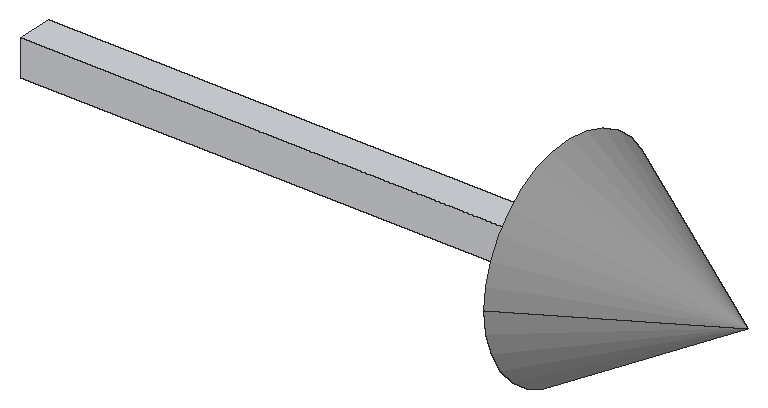
Revit family "X axis", category Modelli generici, Revit 2025
Family settings
  Può ospitare armatura = No
  Quota connettore circolare = Usa diametro
  Tipo di parte = Normale
  Basato su piano di lavoro = No
  Sempre verticale = No
  Taglio con vuoti quando caricato = No
  Mantieni orientamento annotazione = No
  Condiviso = No
  Punto di calcolo locali = No
Parameters
  Prospetto di default = 0 mm
  CylinderRadius [instance] = Arrowlength / 30  # 50 mm
  Arrowtip [instance] = Arrowlength / 3  # 500 mm
  Arrowradius [instance] = Arrowlength / 5  # 300 mm
  Arrowlength [instance] = 1500 mm
Reference planes
  plane 1 "Centro (Fronte/Retro)": y = 0
  plane 2: z = 0
  plane 3 "ArrowBase": x = 0
  plane 4 "ArrowTip": x = 1500
  plane 5: x = 1500
  plane 6 "Cone": x = 2000
  plane 7 "Tip radius": y = 300
Forms (mm)
  Revolve 1, solid, material "X axis"
    sketch origin (0, 0, 0) x (1, 0, 0) y (0, 1, 0)
      loop
        line (1500, 0) -> (2000, 0) -> (1500, 300) -> (1500, 0)
      axis (2000, 0) -> (1500, 0)
    angle from 0 to 360
  Extrusion 2, solid
    sketch origin (0, 0, 0) x (0, 1, 0) y (0, 0, 1)
      loop
        line (50, 50) -> (-50, 50) -> (-50, -50) -> (50, -50) -> (50, 50)
    from 0 to 1500
Dimensions and locks
  "Arrowtip": plane 4 "ArrowTip" to plane 6 "Cone"
  "Arrowlength": plane 3 "ArrowBase" to plane 4 "ArrowTip"
  "Arrowradius": plane 1 "Centro (Fronte/Retro)" to plane 7 "Tip radius"
  "CylinderRadius": Extrusion 2 to level  (x2)
  "CylinderRadius": plane 1 "Centro (Fronte/Retro)" to Extrusion 2
  "CylinderRadius": Extrusion 2 to plane 1 "Centro (Fronte/Retro)"
  aligned and locked: level to plane 2
Automatic sketch dimensions
  plane 1 "Centro (Fronte/Retro)" to Revolve 1 sketch curve = 0 mm  (x2)
  Revolve 1 sketch curve to plane 3 "ArrowBase" = 0 mm
  Revolve 1 sketch curve to plane 4 "ArrowTip" = 0 mm  (x2)
  Revolve 1 sketch curve to plane 6 "Cone" = 0 mm
  plane 7 "Tip radius" to Revolve 1 sketch curve = 0 mm
  plane 1 "Centro (Fronte/Retro)" to Extrusion 2 sketch curve = 50 mm
  Extrusion 2 sketch curve to level = 50 mm
  Extrusion 2 sketch curve to plane 1 "Centro (Fronte/Retro)" = 50 mm
  level to Extrusion 2 sketch curve = 50 mm
